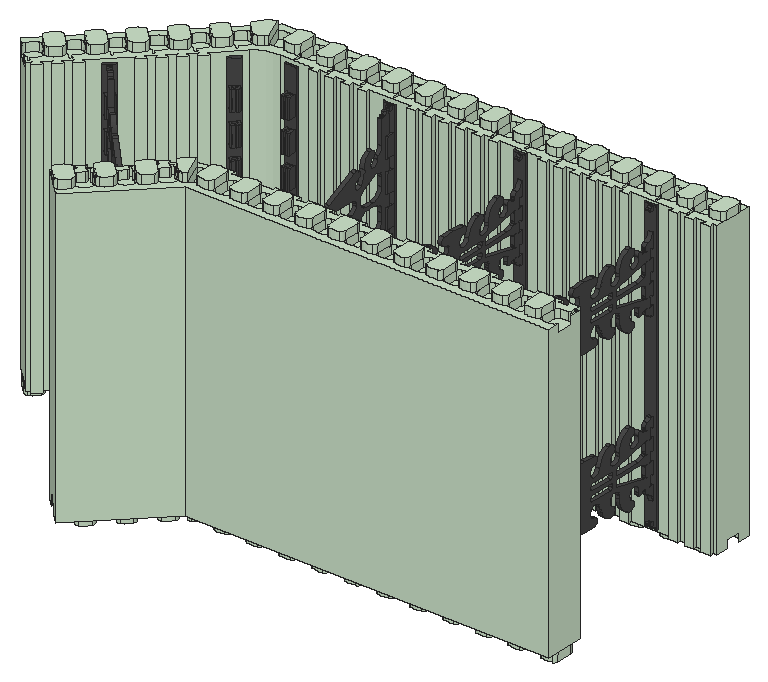
Revit family (continued)
Definition of nested family "NUDURA Diamond Pattern"
  Lines and regions (in)
    model lines
      curve 16: line (3.44206, -5.625, 17.07322) -> (3.81706, -5.625, 16.69822)
      curve 17: arc (3.44206, -5.625, 17.42678) -> (3.36884, -5.625, 17.25) -> (3.44206, -5.625, 17.07322) r 0.25
      curve 18: line (3.81706, -5.625, 17.80178) -> (3.44206, -5.625, 17.42678)
      curve 19: arc (3.69709, -5.625, 16.35858) -> (3.75567, -5.625, 16.5) -> (3.69709, -5.625, 16.64142) r 0.2
      curve 20: line (4.634, -5.625, 16.01517) -> (4.29059, -5.625, 16.35858)
      curve 21: arc (4.634, -5.625, 15.48484) -> (4.74384, -5.625, 15.75) -> (4.634, -5.625, 16.01517) r 0.375
      curve 22: line (4.29059, -5.625, 15.14142) -> (4.634, -5.625, 15.48484)
      curve 23: line (3.35367, -5.625, 15.48484) -> (3.69709, -5.625, 15.14142)
      curve 24: arc (3.35367, -5.625, 16.01517) -> (3.24384, -5.625, 15.75) -> (3.35367, -5.625, 15.48484) r 0.375
      curve 25: line (3.69709, -5.625, 16.35858) -> (3.35367, -5.625, 16.01517)
      curve 26: arc (4.17062, -5.625, 16.30178) -> (3.99384, -5.625, 16.375) -> (3.81706, -5.625, 16.30178) r 0.25
      curve 27: line (3.81706, -5.625, 16.30178) -> (3.44206, -5.625, 15.92678)
      curve 28: arc (3.44206, -5.625, 15.92678) -> (3.36884, -5.625, 15.75) -> (3.44206, -5.625, 15.57322) r 0.25
      curve 29: line (3.44206, -5.625, 15.57322) -> (3.81706, -5.625, 15.19822)
      curve 30: arc (3.81706, -5.625, 15.19822) -> (3.99384, -5.625, 15.125) -> (4.17062, -5.625, 15.19822) r 0.25
      curve 31: line (4.17062, -5.625, 15.19822) -> (4.54562, -5.625, 15.57322)
      curve 32: arc (4.54562, -5.625, 15.57322) -> (4.61884, -5.625, 15.75) -> (4.54562, -5.625, 15.92678) r 0.25
      curve 33: line (4.54562, -5.625, 15.92678) -> (4.17062, -5.625, 16.30178)
      curve 34: arc (3.69709, -5.625, 14.85858) -> (3.75567, -5.625, 15) -> (3.69709, -5.625, 15.14142) r 0.2
      curve 35: line (4.634, -5.625, 14.51517) -> (4.29059, -5.625, 14.85858)
      curve 36: arc (4.634, -5.625, 13.98484) -> (4.74384, -5.625, 14.25) -> (4.634, -5.625, 14.51517) r 0.375
      curve 37: line (4.29059, -5.625, 13.64142) -> (4.634, -5.625, 13.98484)
      curve 38: line (3.35367, -5.625, 13.98484) -> (3.69709, -5.625, 13.64142)
      curve 39: arc (3.35367, -5.625, 14.51517) -> (3.24384, -5.625, 14.25) -> (3.35367, -5.625, 13.98484) r 0.375
      curve 40: line (3.69709, -5.625, 14.85858) -> (3.35367, -5.625, 14.51517)
      curve 41: arc (4.17062, -5.625, 14.80178) -> (3.99384, -5.625, 14.875) -> (3.81706, -5.625, 14.80178) r 0.25
      curve 42: line (3.81706, -5.625, 14.80178) -> (3.44206, -5.625, 14.42678)
      curve 43: arc (3.44206, -5.625, 14.42678) -> (3.36884, -5.625, 14.25) -> (3.44206, -5.625, 14.07322) r 0.25
      curve 44: line (3.44206, -5.625, 14.07322) -> (3.81706, -5.625, 13.69822)
      curve 45: arc (3.81706, -5.625, 13.69822) -> (3.99384, -5.625, 13.625) -> (4.17062, -5.625, 13.69822) r 0.25
      curve 46: line (4.17062, -5.625, 13.69822) -> (4.54562, -5.625, 14.07322)
      curve 47: arc (4.54562, -5.625, 14.07322) -> (4.61884, -5.625, 14.25) -> (4.54562, -5.625, 14.42678) r 0.25
      curve 48: line (4.54562, -5.625, 14.42678) -> (4.17062, -5.625, 14.80178)
      curve 49: arc (3.69709, -5.625, 13.35858) -> (3.75567, -5.625, 13.5) -> (3.69709, -5.625, 13.64142) r 0.2
      curve 50: line (4.634, -5.625, 13.01517) -> (4.29059, -5.625, 13.35858)
      curve 51: arc (4.634, -5.625, 12.48484) -> (4.74384, -5.625, 12.75) -> (4.634, -5.625, 13.01517) r 0.375
      curve 52: line (4.29059, -5.625, 12.14142) -> (4.634, -5.625, 12.48484)
      curve 53: line (3.35367, -5.625, 12.48484) -> (3.69709, -5.625, 12.14142)
      curve 54: arc (3.35367, -5.625, 13.01517) -> (3.24384, -5.625, 12.75) -> (3.35367, -5.625, 12.48484) r 0.375
      curve 55: line (3.69709, -5.625, 13.35858) -> (3.35367, -5.625, 13.01517)
      curve 56: arc (4.17062, -5.625, 13.30178) -> (3.99384, -5.625, 13.375) -> (3.81706, -5.625, 13.30178) r 0.25
      curve 57: line (3.81706, -5.625, 13.30178) -> (3.44206, -5.625, 12.92678)
      curve 58: arc (3.44206, -5.625, 12.92678) -> (3.36884, -5.625, 12.75) -> (3.44206, -5.625, 12.57322) r 0.25
      curve 59: line (3.44206, -5.625, 12.57322) -> (3.81706, -5.625, 12.19822)
      curve 60: arc (3.81706, -5.625, 12.19822) -> (3.99384, -5.625, 12.125) -> (4.17062, -5.625, 12.19822) r 0.25
      curve 61: line (4.17062, -5.625, 12.19822) -> (4.54562, -5.625, 12.57322)
      curve 62: arc (4.54562, -5.625, 12.57322) -> (4.61884, -5.625, 12.75) -> (4.54562, -5.625, 12.92678) r 0.25
      curve 63: line (4.54562, -5.625, 12.92678) -> (4.17062, -5.625, 13.30178)
      curve 64: arc (3.69709, -5.625, 11.85858) -> (3.75567, -5.625, 12) -> (3.69709, -5.625, 12.14142) r 0.2
      curve 65: line (4.634, -5.625, 11.51517) -> (4.29059, -5.625, 11.85858)
      curve 66: arc (4.634, -5.625, 10.98484) -> (4.74384, -5.625, 11.25) -> (4.634, -5.625, 11.51517) r 0.375
      curve 67: line (4.29059, -5.625, 10.64142) -> (4.634, -5.625, 10.98484)
      curve 68: line (3.35367, -5.625, 10.98484) -> (3.69709, -5.625, 10.64142)
      curve 69: arc (3.35367, -5.625, 11.51517) -> (3.24384, -5.625, 11.25) -> (3.35367, -5.625, 10.98484) r 0.375
      curve 70: line (3.69709, -5.625, 11.85858) -> (3.35367, -5.625, 11.51517)
      curve 71: arc (4.17062, -5.625, 11.80178) -> (3.99384, -5.625, 11.875) -> (3.81706, -5.625, 11.80178) r 0.25
      curve 72: line (3.81706, -5.625, 11.80178) -> (3.44206, -5.625, 11.42678)
      curve 73: arc (3.44206, -5.625, 11.42678) -> (3.36884, -5.625, 11.25) -> (3.44206, -5.625, 11.07322) r 0.25
      curve 74: line (3.44206, -5.625, 11.07322) -> (3.81706, -5.625, 10.69822)
      curve 75: arc (3.81706, -5.625, 10.69822) -> (3.99384, -5.625, 10.625) -> (4.17062, -5.625, 10.69822) r 0.25
      curve 76: line (4.17062, -5.625, 10.69822) -> (4.54562, -5.625, 11.07322)
      curve 77: arc (4.54562, -5.625, 11.07322) -> (4.61884, -5.625, 11.25) -> (4.54562, -5.625, 11.42678) r 0.25
      curve 78: line (4.54562, -5.625, 11.42678) -> (4.17062, -5.625, 11.80178)
      curve 79: arc (3.69709, -5.625, 10.35858) -> (3.75567, -5.625, 10.5) -> (3.69709, -5.625, 10.64142) r 0.2
      curve 80: line (4.634, -5.625, 10.01517) -> (4.29059, -5.625, 10.35858)
      curve 81: arc (4.634, -5.625, 9.48484) -> (4.74384, -5.625, 9.75) -> (4.634, -5.625, 10.01517) r 0.375
      curve 82: line (4.29059, -5.625, 9.14142) -> (4.634, -5.625, 9.48484)
      curve 83: line (3.35367, -5.625, 9.48484) -> (3.69709, -5.625, 9.14142)
      curve 84: arc (3.35367, -5.625, 10.01517) -> (3.24384, -5.625, 9.75) -> (3.35367, -5.625, 9.48484) r 0.375
      curve 85: line (3.69709, -5.625, 10.35858) -> (3.35367, -5.625, 10.01517)
      curve 86: arc (4.17062, -5.625, 10.30178) -> (3.99384, -5.625, 10.375) -> (3.81706, -5.625, 10.30178) r 0.25
      curve 87: line (3.81706, -5.625, 10.30178) -> (3.44206, -5.625, 9.92678)
      curve 88: arc (3.44206, -5.625, 9.92678) -> (3.36884, -5.625, 9.75) -> (3.44206, -5.625, 9.57322) r 0.25
      curve 89: line (3.44206, -5.625, 9.57322) -> (3.81706, -5.625, 9.19822)
      curve 90: arc (3.81706, -5.625, 9.19822) -> (3.99384, -5.625, 9.125) -> (4.17062, -5.625, 9.19822) r 0.25
      curve 91: line (4.17062, -5.625, 9.19822) -> (4.54562, -5.625, 9.57322)
      curve 92: arc (4.54562, -5.625, 9.57322) -> (4.61884, -5.625, 9.75) -> (4.54562, -5.625, 9.92678) r 0.25
      curve 93: line (4.54562, -5.625, 9.92678) -> (4.17062, -5.625, 10.30178)
      curve 94: arc (3.69709, -5.625, 8.85858) -> (3.75567, -5.625, 9) -> (3.69709, -5.625, 9.14142) r 0.2
      curve 95: line (4.634, -5.625, 8.51517) -> (4.29059, -5.625, 8.85858)
      curve 96: arc (4.634, -5.625, 7.98484) -> (4.74384, -5.625, 8.25) -> (4.634, -5.625, 8.51517) r 0.375
      curve 97: line (4.29059, -5.625, 7.64142) -> (4.634, -5.625, 7.98484)
      curve 98: line (3.35367, -5.625, 7.98484) -> (3.69709, -5.625, 7.64142)
      curve 99: arc (3.35367, -5.625, 8.51517) -> (3.24384, -5.625, 8.25) -> (3.35367, -5.625, 7.98484) r 0.375
      curve 100: line (3.69709, -5.625, 8.85858) -> (3.35367, -5.625, 8.51517)
      curve 101: arc (4.17062, -5.625, 8.80178) -> (3.99384, -5.625, 8.875) -> (3.81706, -5.625, 8.80178) r 0.25
      curve 102: line (3.81706, -5.625, 8.80178) -> (3.44206, -5.625, 8.42678)
      curve 103: arc (3.44206, -5.625, 8.42678) -> (3.36884, -5.625, 8.25) -> (3.44206, -5.625, 8.07322) r 0.25
      curve 104: line (3.44206, -5.625, 8.07322) -> (3.81706, -5.625, 7.69822)
      curve 105: arc (3.81706, -5.625, 7.69822) -> (3.99384, -5.625, 7.625) -> (4.17062, -5.625, 7.69822) r 0.25
      curve 106: line (4.17062, -5.625, 7.69822) -> (4.54562, -5.625, 8.07322)
      curve 107: arc (4.54562, -5.625, 8.07322) -> (4.61884, -5.625, 8.25) -> (4.54562, -5.625, 8.42678) r 0.25
      curve 108: line (4.54562, -5.625, 8.42678) -> (4.17062, -5.625, 8.80178)
      curve 109: arc (3.69709, -5.625, 7.35858) -> (3.75567, -5.625, 7.5) -> (3.69709, -5.625, 7.64142) r 0.2
      curve 110: line (4.634, -5.625, 7.01517) -> (4.29059, -5.625, 7.35858)
      curve 111: arc (4.634, -5.625, 6.48484) -> (4.74384, -5.625, 6.75) -> (4.634, -5.625, 7.01517) r 0.375
      curve 112: line (4.29059, -5.625, 6.14142) -> (4.634, -5.625, 6.48484)
      curve 113: line (3.35367, -5.625, 6.48484) -> (3.69709, -5.625, 6.14142)
      curve 114: arc (3.35367, -5.625, 7.01517) -> (3.24384, -5.625, 6.75) -> (3.35367, -5.625, 6.48484) r 0.375
      curve 115: line (3.69709, -5.625, 7.35858) -> (3.35367, -5.625, 7.01517)
      curve 116: arc (4.17062, -5.625, 7.30178) -> (3.99384, -5.625, 7.375) -> (3.81706, -5.625, 7.30178) r 0.25
      curve 117: line (3.81706, -5.625, 7.30178) -> (3.44206, -5.625, 6.92678)
      curve 118: arc (3.44206, -5.625, 6.92678) -> (3.36884, -5.625, 6.75) -> (3.44206, -5.625, 6.57322) r 0.25
      curve 119: line (3.44206, -5.625, 6.57322) -> (3.81706, -5.625, 6.19822)
      curve 120: arc (3.81706, -5.625, 6.19822) -> (3.99384, -5.625, 6.125) -> (4.17062, -5.625, 6.19822) r 0.25
      curve 121: line (4.17062, -5.625, 6.19822) -> (4.54562, -5.625, 6.57322)
      curve 122: arc (4.54562, -5.625, 6.57322) -> (4.61884, -5.625, 6.75) -> (4.54562, -5.625, 6.92678) r 0.25
      curve 123: line (4.54562, -5.625, 6.92678) -> (4.17062, -5.625, 7.30178)
      curve 124: arc (3.69709, -5.625, 5.85858) -> (3.75567, -5.625, 6) -> (3.69709, -5.625, 6.14142) r 0.2
      curve 125: line (4.634, -5.625, 5.51517) -> (4.29059, -5.625, 5.85858)
      curve 126: arc (4.634, -5.625, 4.98484) -> (4.74384, -5.625, 5.25) -> (4.634, -5.625, 5.51517) r 0.375
      curve 127: line (4.29059, -5.625, 4.64142) -> (4.634, -5.625, 4.98484)
      curve 128: line (3.35367, -5.625, 4.98484) -> (3.69709, -5.625, 4.64142)
      curve 129: arc (3.35367, -5.625, 5.51517) -> (3.24384, -5.625, 5.25) -> (3.35367, -5.625, 4.98484) r 0.375
      curve 130: line (3.69709, -5.625, 5.85858) -> (3.35367, -5.625, 5.51517)
      curve 131: arc (4.17062, -5.625, 5.80178) -> (3.99384, -5.625, 5.875) -> (3.81706, -5.625, 5.80178) r 0.25
      curve 132: line (3.81706, -5.625, 5.80178) -> (3.44206, -5.625, 5.42678)
      curve 133: arc (3.44206, -5.625, 5.42678) -> (3.36884, -5.625, 5.25) -> (3.44206, -5.625, 5.07322) r 0.25
      curve 134: line (3.44206, -5.625, 5.07322) -> (3.81706, -5.625, 4.69822)
      curve 135: arc (3.81706, -5.625, 4.69822) -> (3.99384, -5.625, 4.625) -> (4.17062, -5.625, 4.69822) r 0.25
      curve 136: line (4.17062, -5.625, 4.69822) -> (4.54562, -5.625, 5.07322)
      curve 137: arc (4.54562, -5.625, 5.07322) -> (4.61884, -5.625, 5.25) -> (4.54562, -5.625, 5.42678) r 0.25
      curve 138: line (4.54562, -5.625, 5.42678) -> (4.17062, -5.625, 5.80178)
      curve 139: arc (3.69709, -5.625, 4.35858) -> (3.75567, -5.625, 4.5) -> (3.69709, -5.625, 4.64142) r 0.2
      curve 140: line (4.634, -5.625, 4.01517) -> (4.29059, -5.625, 4.35858)
      curve 141: arc (4.634, -5.625, 3.48484) -> (4.74384, -5.625, 3.75) -> (4.634, -5.625, 4.01517) r 0.375
      curve 142: line (4.29059, -5.625, 3.14142) -> (4.634, -5.625, 3.48484)
      curve 143: line (3.35367, -5.625, 3.48484) -> (3.69709, -5.625, 3.14142)
      curve 144: arc (3.35367, -5.625, 4.01517) -> (3.24384, -5.625, 3.75) -> (3.35367, -5.625, 3.48484) r 0.375
      curve 145: line (3.69709, -5.625, 4.35858) -> (3.35367, -5.625, 4.01517)
      curve 146: arc (4.17062, -5.625, 4.30178) -> (3.99384, -5.625, 4.375) -> (3.81706, -5.625, 4.30178) r 0.25
      curve 147: line (3.81706, -5.625, 4.30178) -> (3.44206, -5.625, 3.92678)
      curve 148: arc (3.44206, -5.625, 3.92678) -> (3.36884, -5.625, 3.75) -> (3.44206, -5.625, 3.57322) r 0.25
      curve 149: line (3.44206, -5.625, 3.57322) -> (3.81706, -5.625, 3.19822)
      curve 150: arc (3.81706, -5.625, 3.19822) -> (3.99384, -5.625, 3.125) -> (4.17062, -5.625, 3.19822) r 0.25
      curve 151: line (4.17062, -5.625, 3.19822) -> (4.54562, -5.625, 3.57322)
      curve 152: arc (4.54562, -5.625, 3.57322) -> (4.61884, -5.625, 3.75) -> (4.54562, -5.625, 3.92678) r 0.25
      curve 153: line (4.54562, -5.625, 3.92678) -> (4.17062, -5.625, 4.30178)
      curve 154: arc (3.69709, -5.625, 2.85858) -> (3.75567, -5.625, 3) -> (3.69709, -5.625, 3.14142) r 0.2
      curve 155: line (4.634, -5.625, 2.51517) -> (4.29059, -5.625, 2.85858)
      curve 156: arc (4.634, -5.625, 1.98484) -> (4.74384, -5.625, 2.25) -> (4.634, -5.625, 2.51517) r 0.375
      curve 157: line (4.29059, -5.625, 1.64142) -> (4.634, -5.625, 1.98484)
      curve 158: line (3.35367, -5.625, 1.98484) -> (3.69709, -5.625, 1.64142)
      curve 159: arc (3.35367, -5.625, 2.51517) -> (3.24384, -5.625, 2.25) -> (3.35367, -5.625, 1.98484) r 0.375
      curve 160: line (3.69709, -5.625, 2.85858) -> (3.35367, -5.625, 2.51517)
      curve 161: arc (4.17062, -5.625, 2.80178) -> (3.99384, -5.625, 2.875) -> (3.81706, -5.625, 2.80178) r 0.25
      curve 162: line (3.81706, -5.625, 2.80178) -> (3.44206, -5.625, 2.42678)
      curve 163: arc (3.44206, -5.625, 2.42678) -> (3.36884, -5.625, 2.25) -> (3.44206, -5.625, 2.07322) r 0.25
      curve 164: line (3.44206, -5.625, 2.07322) -> (3.81706, -5.625, 1.69822)
      curve 165: arc (3.81706, -5.625, 1.69822) -> (3.99384, -5.625, 1.625) -> (4.17062, -5.625, 1.69822) r 0.25
      curve 166: line (4.17062, -5.625, 1.69822) -> (4.54562, -5.625, 2.07322)
      curve 167: arc (4.54562, -5.625, 2.07322) -> (4.61884, -5.625, 2.25) -> (4.54562, -5.625, 2.42678) r 0.25
      curve 168: line (4.54562, -5.625, 2.42678) -> (4.17062, -5.625, 2.80178)
      curve 169: arc (3.69709, -5.625, 1.35858) -> (3.75567, -5.625, 1.5) -> (3.69709, -5.625, 1.64142) r 0.2
      curve 170: line (3.69709, -5.625, 1.35858) -> (3.35367, -5.625, 1.01517)
      curve 171: arc (3.35367, -5.625, 1.01517) -> (3.24384, -5.625, 0.75) -> (3.35367, -5.625, 0.48484) r 0.375
      curve 172: line (3.35367, -5.625, 0.48484) -> (3.72867, -5.625, 0.10984)
      curve 173: arc (3.72867, -5.625, 0.10984) -> (3.99384, -5.625, 0) -> (4.259, -5.625, 0.10984) r 0.375
      curve 174: line (4.259, -5.625, 0.10984) -> (4.634, -5.625, 0.48484)
      curve 175: arc (4.634, -5.625, 0.48484) -> (4.74384, -5.625, 0.75) -> (4.634, -5.625, 1.01517) r 0.375
      curve 176: line (4.634, -5.625, 1.01517) -> (4.29059, -5.625, 1.35858)
      curve 177: arc (4.29059, -5.625, 1.64142) -> (4.23201, -5.625, 1.5) -> (4.29059, -5.625, 1.35858) r 0.2
      curve 178: arc (4.17062, -5.625, 1.30178) -> (3.99384, -5.625, 1.375) -> (3.81706, -5.625, 1.30178) r 0.25
      curve 179: line (4.54562, -5.625, 0.92678) -> (4.17062, -5.625, 1.30178)
      curve 180: arc (4.54562, -5.625, 0.57322) -> (4.61884, -5.625, 0.75) -> (4.54562, -5.625, 0.92678) r 0.25
      curve 181: line (4.17062, -5.625, 0.19822) -> (4.54562, -5.625, 0.57322)
      curve 182: arc (3.81706, -5.625, 0.19822) -> (3.99384, -5.625, 0.125) -> (4.17062, -5.625, 0.19822) r 0.25
      curve 183: line (3.44206, -5.625, 0.57322) -> (3.81706, -5.625, 0.19822)
      curve 184: arc (3.44206, -5.625, 0.92678) -> (3.36884, -5.625, 0.75) -> (3.44206, -5.625, 0.57322) r 0.25
      curve 185: line (3.81706, -5.625, 1.30178) -> (3.44206, -5.625, 0.92678)
      curve 186: arc (4.29059, -5.625, 3.14142) -> (4.23201, -5.625, 3) -> (4.29059, -5.625, 2.85858) r 0.2
      curve 187: arc (4.29059, -5.625, 4.64142) -> (4.23201, -5.625, 4.5) -> (4.29059, -5.625, 4.35858) r 0.2
      curve 188: arc (4.29059, -5.625, 6.14142) -> (4.23201, -5.625, 6) -> (4.29059, -5.625, 5.85858) r 0.2
      curve 189: arc (4.29059, -5.625, 7.64142) -> (4.23201, -5.625, 7.5) -> (4.29059, -5.625, 7.35858) r 0.2
      curve 190: arc (4.29059, -5.625, 9.14142) -> (4.23201, -5.625, 9) -> (4.29059, -5.625, 8.85858) r 0.2
      curve 191: arc (4.29059, -5.625, 10.64142) -> (4.23201, -5.625, 10.5) -> (4.29059, -5.625, 10.35858) r 0.2
      curve 192: arc (4.29059, -5.625, 12.14142) -> (4.23201, -5.625, 12) -> (4.29059, -5.625, 11.85858) r 0.2
      curve 193: arc (4.29059, -5.625, 13.64142) -> (4.23201, -5.625, 13.5) -> (4.29059, -5.625, 13.35858) r 0.2
      curve 194: arc (4.29059, -5.625, 15.14142) -> (4.23201, -5.625, 15) -> (4.29059, -5.625, 14.85858) r 0.2
      curve 195: arc (4.29059, -5.625, 16.64142) -> (4.23201, -5.625, 16.5) -> (4.29059, -5.625, 16.35858) r 0.2
Definition of nested family "NUDURA Logo Diamond"
  Reference planes (in)
    plane 1 "Center (Front/Back)": y = 0
    plane 2: z = 0
    plane 3 "Center (Left/Right)": x = 0
  Lines and regions (in)
    model lines
      curve 1: line (12.59848, 0, 17.50104) -> (12.24492, 0, 17.85459)
      curve 2: line (12.36113, 0, 16.76872) -> (12.59848, 0, 17.00607)
      curve 3: line (12.59848, 0, 16.00104) -> (12.36113, 0, 16.23839)
      curve 4: line (12.36113, 0, 15.26872) -> (12.59848, 0, 15.50607)
      curve 5: line (12.59848, 0, 14.50104) -> (12.36113, 0, 14.73839)
      curve 6: line (12.36113, 0, 13.76872) -> (12.59848, 0, 14.00607)
      curve 7: line (12.17421, 0, 13.28388) -> (12.71208, 0, 12.74602)
      curve 8: line (12.71208, 0, 12.74602) -> (12.78279, 0, 12.81673)
      curve 9: line (11.28279, 0, 12.74602) -> (11.82066, 0, 13.28388)
      curve 10: line (11.63374, 0, 13.23839) -> (11.21208, 0, 12.81673)
      curve 11: line (11.3964, 0, 14.00607) -> (11.63374, 0, 13.76872)
      curve 12: line (11.63374, 0, 14.73839) -> (11.3964, 0, 14.50104)
      curve 13: line (11.3964, 0, 15.50607) -> (11.63374, 0, 15.26872)
      curve 14: line (11.63374, 0, 16.23839) -> (11.3964, 0, 16.00104)
      curve 15: line (11.3964, 0, 17.00607) -> (11.63374, 0, 16.76872)
      curve 16: line (11.74995, 0, 17.85459) -> (11.3964, 0, 17.50104)
      curve 17: line (11.82066, 0, 17.78388) -> (11.46711, 0, 17.43033)
      curve 18: line (12.52777, 0, 17.43033) -> (12.17421, 0, 17.78388)
      curve 19: line (12.17421, 0, 16.72322) -> (12.52777, 0, 17.07678)
      curve 20: line (11.46711, 0, 17.07678) -> (11.82066, 0, 16.72322)
      curve 21: arc (11.3964, 0, 17.50104) -> (11.29388, 0, 17.25355) -> (11.3964, 0, 17.00607) r 0.35
      curve 22: arc (11.74995, 0, 17.85459) -> (11.99744, 0, 17.95711) -> (12.24492, 0, 17.85459) r 0.35
      curve 23: arc (11.46711, 0, 17.43033) -> (11.39388, 0, 17.25355) -> (11.46711, 0, 17.07678) r 0.25
      curve 24: arc (12.52777, 0, 17.43033) -> (12.60099, 0, 17.25355) -> (12.52777, 0, 17.07678) r 0.25
      curve 25: arc (12.17421, 0, 16.72322) -> (11.99744, 0, 16.65) -> (11.82066, 0, 16.72322) r 0.25
      curve 26: arc (11.82066, 0, 17.78388) -> (11.99744, 0, 17.85711) -> (12.17421, 0, 17.78388) r 0.25
      curve 27: arc (12.59848, 0, 17.50104) -> (12.70099, 0, 17.25355) -> (12.59848, 0, 17.00607) r 0.35
      curve 28: arc (11.63374, 0, 16.76872) -> (11.74358, 0, 16.50355) -> (11.63374, 0, 16.23839) r 0.375
      curve 29: arc (12.36113, 0, 16.76872) -> (12.2513, 0, 16.50355) -> (12.36113, 0, 16.23839) r 0.375
      curve 30: line (12.36113, 0, 15.26872) -> (12.59848, 0, 15.50607)
      curve 31: line (11.3964, 0, 15.50607) -> (11.63374, 0, 15.26872)
      curve 32: line (11.82066, 0, 16.28388) -> (11.46711, 0, 15.93033)
      curve 33: line (12.52777, 0, 15.93033) -> (12.17421, 0, 16.28388)
      curve 34: line (12.17421, 0, 15.22322) -> (12.52777, 0, 15.57678)
      curve 35: line (11.46711, 0, 15.57678) -> (11.82066, 0, 15.22322)
      curve 36: arc (11.3964, 0, 16.00104) -> (11.29388, 0, 15.75355) -> (11.3964, 0, 15.50607) r 0.35
      curve 37: arc (11.46711, 0, 15.93033) -> (11.39388, 0, 15.75355) -> (11.46711, 0, 15.57678) r 0.25
      curve 38: arc (12.52777, 0, 15.93033) -> (12.60099, 0, 15.75355) -> (12.52777, 0, 15.57678) r 0.25
      curve 39: arc (12.17421, 0, 15.22322) -> (11.99744, 0, 15.15) -> (11.82066, 0, 15.22322) r 0.25
      curve 40: arc (11.82066, 0, 16.28388) -> (11.99744, 0, 16.35711) -> (12.17421, 0, 16.28388) r 0.25
      curve 41: arc (12.59848, 0, 16.00104) -> (12.70099, 0, 15.75355) -> (12.59848, 0, 15.50607) r 0.35
      curve 42: line (11.63374, 0, 16.23839) -> (11.3964, 0, 16.00104)
      curve 43: line (12.59848, 0, 16.00104) -> (12.36113, 0, 16.23839)
      curve 44: arc (11.63374, 0, 15.26872) -> (11.74358, 0, 15.00355) -> (11.63374, 0, 14.73839) r 0.375
      curve 45: arc (12.36113, 0, 15.26872) -> (12.2513, 0, 15.00355) -> (12.36113, 0, 14.73839) r 0.375
      curve 46: line (12.36113, 0, 13.76872) -> (12.59848, 0, 14.00607)
      curve 47: line (11.3964, 0, 14.00607) -> (11.63374, 0, 13.76872)
      curve 48: line (11.82066, 0, 14.78388) -> (11.46711, 0, 14.43033)
      curve 49: line (12.52777, 0, 14.43033) -> (12.17421, 0, 14.78388)
      curve 50: line (12.17421, 0, 13.72322) -> (12.52777, 0, 14.07678)
      curve 51: line (11.46711, 0, 14.07678) -> (11.82066, 0, 13.72322)
      curve 52: arc (11.3964, 0, 14.50104) -> (11.29388, 0, 14.25355) -> (11.3964, 0, 14.00607) r 0.35
      curve 53: arc (11.46711, 0, 14.43033) -> (11.39388, 0, 14.25355) -> (11.46711, 0, 14.07678) r 0.25
      curve 54: arc (12.52777, 0, 14.43033) -> (12.60099, 0, 14.25355) -> (12.52777, 0, 14.07678) r 0.25
      curve 55: arc (12.17421, 0, 13.72322) -> (11.99744, 0, 13.65) -> (11.82066, 0, 13.72322) r 0.25
      curve 56: arc (11.82066, 0, 14.78388) -> (11.99744, 0, 14.85711) -> (12.17421, 0, 14.78388) r 0.25
      curve 57: arc (12.59848, 0, 14.50104) -> (12.70099, 0, 14.25355) -> (12.59848, 0, 14.00607) r 0.35
      curve 58: line (11.63374, 0, 14.73839) -> (11.3964, 0, 14.50104)
      curve 59: arc (11.63374, 0, 13.76872) -> (11.74358, 0, 13.50355) -> (11.63374, 0, 13.23839) r 0.375
      curve 60: arc (12.36113, 0, 13.76872) -> (12.2513, 0, 13.50355) -> (12.36113, 0, 13.23839) r 0.375
      curve 61: line (12.78279, 0, 12.81673) -> (12.36113, 0, 13.23839)
      curve 62: line (11.21208, 0, 12.81673) -> (11.28279, 0, 12.74602)
      curve 63: arc (11.82066, 0, 13.28388) -> (11.99744, 0, 13.35711) -> (12.17421, 0, 13.28388) r 0.25
      curve 64: line (12.59848, 0, 0.50607) -> (12.24492, 0, 0.15251)
      curve 65: line (12.36113, 0, 1.23839) -> (12.59848, 0, 1.00104)
      curve 66: line (12.59848, 0, 2.00607) -> (12.36113, 0, 1.76872)
      curve 67: line (12.36113, 0, 2.73839) -> (12.59848, 0, 2.50104)
      curve 68: line (12.59848, 0, 3.50607) -> (12.36113, 0, 3.26872)
      curve 69: line (12.36113, 0, 4.23839) -> (12.59848, 0, 4.00104)
      curve 70: line (12.17421, 0, 4.72322) -> (12.71208, 0, 5.26109)
      curve 71: line (12.71208, 0, 5.26109) -> (12.78279, 0, 5.19038)
      curve 72: line (11.28279, 0, 5.26109) -> (11.82066, 0, 4.72322)
      curve 73: line (11.63374, 0, 4.76872) -> (11.21208, 0, 5.19038)
      curve 74: line (11.3964, 0, 4.00104) -> (11.63374, 0, 4.23839)
      curve 75: line (11.63374, 0, 3.26872) -> (11.3964, 0, 3.50607)
      curve 76: line (11.3964, 0, 2.50104) -> (11.63374, 0, 2.73839)
      curve 77: line (11.63374, 0, 1.76872) -> (11.3964, 0, 2.00607)
      curve 78: line (11.3964, 0, 1.00104) -> (11.63374, 0, 1.23839)
      curve 79: line (11.74995, 0, 0.15251) -> (11.3964, 0, 0.50607)
      curve 80: line (11.82066, 0, 0.22322) -> (11.46711, 0, 0.57678)
      curve 81: line (12.52777, 0, 0.57678) -> (12.17421, 0, 0.22322)
      curve 82: line (12.17421, 0, 1.28388) -> (12.52777, 0, 0.93033)
      curve 83: line (11.46711, 0, 0.93033) -> (11.82066, 0, 1.28388)
      curve 84: arc (11.3964, 0, 0.50607) -> (11.29388, 0, 0.75355) -> (11.3964, 0, 1.00104) r 0.35
      curve 85: arc (11.74995, 0, 0.15251) -> (11.99744, 0, 0.05) -> (12.24492, 0, 0.15251) r 0.35
      curve 86: arc (11.46711, 0, 0.57678) -> (11.39388, 0, 0.75355) -> (11.46711, 0, 0.93033) r 0.25
      curve 87: arc (12.52777, 0, 0.57678) -> (12.60099, 0, 0.75355) -> (12.52777, 0, 0.93033) r 0.25
      curve 88: arc (12.17421, 0, 1.28388) -> (11.99744, 0, 1.35711) -> (11.82066, 0, 1.28388) r 0.25
      curve 89: arc (11.82066, 0, 0.22322) -> (11.99744, 0, 0.15) -> (12.17421, 0, 0.22322) r 0.25
      curve 90: arc (12.59848, 0, 0.50607) -> (12.70099, 0, 0.75355) -> (12.59848, 0, 1.00104) r 0.35
      curve 91: arc (11.63374, 0, 1.23839) -> (11.74358, 0, 1.50355) -> (11.63374, 0, 1.76872) r 0.375
      curve 92: arc (12.36113, 0, 1.23839) -> (12.2513, 0, 1.50355) -> (12.36113, 0, 1.76872) r 0.375
      curve 93: line (12.36113, 0, 2.73839) -> (12.59848, 0, 2.50104)
      curve 94: line (11.3964, 0, 2.50104) -> (11.63374, 0, 2.73839)
      curve 95: line (11.82066, 0, 1.72322) -> (11.46711, 0, 2.07678)
      curve 96: line (12.52777, 0, 2.07678) -> (12.17421, 0, 1.72322)
      curve 97: line (12.17421, 0, 2.78388) -> (12.52777, 0, 2.43033)
      curve 98: line (11.46711, 0, 2.43033) -> (11.82066, 0, 2.78388)
      curve 99: arc (11.3964, 0, 2.00607) -> (11.29388, 0, 2.25355) -> (11.3964, 0, 2.50104) r 0.35
      curve 100: arc (11.46711, 0, 2.07678) -> (11.39388, 0, 2.25355) -> (11.46711, 0, 2.43033) r 0.25
      curve 101: arc (12.52777, 0, 2.07678) -> (12.60099, 0, 2.25355) -> (12.52777, 0, 2.43033) r 0.25
      curve 102: arc (12.17421, 0, 2.78388) -> (11.99744, 0, 2.85711) -> (11.82066, 0, 2.78388) r 0.25
      curve 103: arc (11.82066, 0, 1.72322) -> (11.99744, 0, 1.65) -> (12.17421, 0, 1.72322) r 0.25
      curve 104: arc (12.59848, 0, 2.00607) -> (12.70099, 0, 2.25355) -> (12.59848, 0, 2.50104) r 0.35
      curve 105: line (11.63374, 0, 1.76872) -> (11.3964, 0, 2.00607)
      curve 106: line (12.59848, 0, 2.00607) -> (12.36113, 0, 1.76872)
      curve 107: arc (11.63374, 0, 2.73839) -> (11.74358, 0, 3.00355) -> (11.63374, 0, 3.26872) r 0.375
      curve 108: arc (12.36113, 0, 2.73839) -> (12.2513, 0, 3.00355) -> (12.36113, 0, 3.26872) r 0.375
      curve 109: line (12.36113, 0, 4.23839) -> (12.59848, 0, 4.00104)
      curve 110: line (11.3964, 0, 4.00104) -> (11.63374, 0, 4.23839)
      curve 111: line (11.82066, 0, 3.22322) -> (11.46711, 0, 3.57678)
      curve 112: line (12.52777, 0, 3.57678) -> (12.17421, 0, 3.22322)
      curve 113: line (12.17421, 0, 4.28388) -> (12.52777, 0, 3.93033)
      curve 114: line (11.46711, 0, 3.93033) -> (11.82066, 0, 4.28388)
      curve 115: arc (11.3964, 0, 3.50607) -> (11.29388, 0, 3.75355) -> (11.3964, 0, 4.00104) r 0.35
      curve 116: arc (11.46711, 0, 3.57678) -> (11.39388, 0, 3.75355) -> (11.46711, 0, 3.93033) r 0.25
      curve 117: arc (12.52777, 0, 3.57678) -> (12.60099, 0, 3.75355) -> (12.52777, 0, 3.93033) r 0.25
      curve 118: arc (12.17421, 0, 4.28388) -> (11.99744, 0, 4.35711) -> (11.82066, 0, 4.28388) r 0.25
      curve 119: arc (11.82066, 0, 3.22322) -> (11.99744, 0, 3.15) -> (12.17421, 0, 3.22322) r 0.25
      curve 120: arc (12.59848, 0, 3.50607) -> (12.70099, 0, 3.75355) -> (12.59848, 0, 4.00104) r 0.35
      curve 121: line (11.63374, 0, 3.26872) -> (11.3964, 0, 3.50607)
      curve 122: arc (11.63374, 0, 4.23839) -> (11.74358, 0, 4.50355) -> (11.63374, 0, 4.76872) r 0.375
      curve 123: arc (12.36113, 0, 4.23839) -> (12.2513, 0, 4.50355) -> (12.36113, 0, 4.76872) r 0.375
      curve 124: line (12.78279, 0, 5.19038) -> (12.36113, 0, 4.76872)
      curve 125: line (11.21208, 0, 5.19038) -> (11.28279, 0, 5.26109)
      curve 126: arc (11.82066, 0, 4.72322) -> (11.99744, 0, 4.65) -> (12.17421, 0, 4.72322) r 0.25
      curve 127: line (12.37244, 0, 12.50355) -> (11.62244, 0, 12.50355)
      curve 128: line (12.74744, 0, 5.87855) -> (12.74744, 0, 12.12855)
      curve 129: line (11.24744, 0, 12.12855) -> (11.24744, 0, 5.87855)
      curve 130: line (11.62244, 0, 5.50355) -> (12.37244, 0, 5.50355)
      curve 131: line (12.47232, 0, 12.00355) -> (12.0393, 0, 12.25355)
      curve 132: line (12.47232, 0, 11.50355) -> (12.47232, 0, 12.00355)
      curve 133: line (12.25581, 0, 11.37855) -> (12.47232, 0, 11.50355)
      curve 134: line (12.02256, 0, 11.51322) -> (12.25581, 0, 11.37855)
      curve 135: line (12.22232, 0, 11.62855) -> (12.02256, 0, 11.51322)
      curve 136: line (11.80605, 0, 12.11888) -> (12.22232, 0, 11.87855)
      curve 137: line (12.22232, 0, 11.87855) -> (12.22232, 0, 11.62855)
      curve 138: line (12.0393, 0, 12.25355) -> (11.80605, 0, 12.11888)
      curve 139: line (11.77256, 0, 11.63822) -> (11.97232, 0, 11.75355)
      curve 140: line (11.97232, 0, 11.75355) -> (11.73906, 0, 11.88822)
      curve 141: line (11.73906, 0, 11.88822) -> (11.52256, 0, 11.76322)
      curve 142: line (11.52256, 0, 11.76322) -> (11.52256, 0, 11.26322)
      curve 143: line (11.77256, 0, 11.38822) -> (11.77256, 0, 11.63822)
      curve 144: line (12.18882, 0, 11.14789) -> (11.77256, 0, 11.38822)
      curve 145: line (11.95557, 0, 11.01322) -> (12.18882, 0, 11.14789)
      curve 146: line (11.52256, 0, 11.26322) -> (11.95557, 0, 11.01322)
      curve 147: line (12.31108, 0, 10.60411) -> (11.68379, 0, 10.74458)
      curve 148: line (11.68379, 0, 10.74458) -> (11.68379, 0, 10.51321)
      curve 149: line (11.68379, 0, 10.51321) -> (12.1295, 0, 10.41405)
      curve 150: line (12.1295, 0, 10.41405) -> (11.68379, 0, 10.27358)
      curve 151: line (11.68379, 0, 10.27358) -> (11.68379, 0, 9.8852)
      curve 152: line (11.68379, 0, 9.8852) -> (12.17077, 0, 9.77615)
      curve 153: line (12.17077, 0, 9.77615) -> (12.17077, 0, 9.74472)
      curve 154: line (12.17077, 0, 9.74472) -> (11.86146, 0, 9.80279)
      curve 155: line (11.68379, 0, 9.65536) -> (11.68379, 0, 9.35864)
      curve 156: line (12.07077, 0, 8.74385) -> (12.07077, 0, 8.99996)
      curve 157: line (12.07077, 0, 8.99996) -> (11.68379, 0, 9.08605)
      curve 158: line (11.68379, 0, 9.08605) -> (11.68379, 0, 8.47809)
      curve 159: line (11.91823, 0, 9.06589) -> (12.31108, 0, 8.97792)
      curve 160: line (11.82444, 0, 8.55476) -> (11.82444, 0, 8.79865)
      curve 161: line (11.82444, 0, 8.79865) -> (12.07077, 0, 8.74385)
      curve 162: line (11.68379, 0, 8.07193) -> (11.68379, 0, 7.77522)
      curve 163: line (11.91823, 0, 7.48247) -> (12.21108, 0, 7.41688)
      curve 164: line (12.21108, 0, 7.41688) -> (12.21108, 0, 6.95405)
      curve 165: line (12.16108, 0, 6.90405) -> (12.12077, 0, 6.90405)
      curve 166: line (12.07077, 0, 6.95405) -> (12.07077, 0, 7.08675)
      curve 167: line (12.07077, 0, 7.08675) -> (12.12077, 0, 7.07556)
      curve 168: line (12.12077, 0, 7.07556) -> (12.12077, 0, 7.33463)
      curve 169: line (12.12077, 0, 7.33463) -> (11.68379, 0, 7.43249)
      curve 170: line (11.68379, 0, 7.43249) -> (11.68379, 0, 7.17341)
      curve 171: line (11.68379, 0, 7.17341) -> (11.97077, 0, 7.10915)
      curve 172: line (11.97077, 0, 7.10915) -> (11.97077, 0, 6.99425)
      curve 173: line (11.92077, 0, 6.94425) -> (11.68379, 0, 6.94425)
      curve 174: line (11.68379, 0, 6.94425) -> (11.68379, 0, 6.45682)
      curve 175: line (11.68379, 0, 6.45682) -> (11.78284, 0, 6.38658)
      curve 176: line (11.78284, 0, 6.38658) -> (11.78284, 0, 6.05178)
      curve 177: line (12.12371, 0, 6.14486) -> (11.88284, 0, 6.31567)
      curve 178: line (11.88284, 0, 6.31567) -> (11.88284, 0, 6.07909)
      curve 179: line (11.88284, 0, 6.07909) -> (12.12371, 0, 6.14486)
      curve 180: line (11.78284, 0, 6.05178) -> (11.68379, 0, 6.02474)
      curve 181: line (11.68379, 0, 6.02474) -> (11.68379, 0, 5.75355)
      curve 182: line (11.68379, 0, 5.75355) -> (12.31108, 0, 5.92483)
      curve 183: line (12.31108, 0, 5.92483) -> (12.31108, 0, 6.28791)
      curve 184: line (12.31108, 0, 6.28791) -> (11.76249, 0, 6.67694)
      curve 185: line (11.76249, 0, 6.67694) -> (11.90321, 0, 6.67694)
      curve 186: line (12.31108, 0, 6.78674) -> (12.31108, 0, 7.63562)
      curve 187: line (12.31108, 0, 7.63562) -> (11.90258, 0, 7.7271)
      curve 188: line (11.82444, 0, 7.82469) -> (11.82444, 0, 7.92839)
      curve 189: line (11.88536, 0, 7.97718) -> (12.31108, 0, 7.88185)
      curve 190: line (12.31108, 0, 7.88185) -> (12.31108, 0, 8.13496)
      curve 191: line (12.31108, 0, 8.13496) -> (12.08042, 0, 8.17826)
      curve 192: line (12.31108, 0, 8.38353) -> (12.31108, 0, 8.9465)
      curve 193: line (12.31108, 0, 8.9465) -> (12.17077, 0, 8.97771)
      curve 194: line (12.17077, 0, 8.97771) -> (12.17077, 0, 8.55476)
      curve 195: line (12.31108, 0, 8.97792) -> (12.31108, 0, 9.21905)
      curve 196: line (12.31108, 0, 9.21905) -> (11.90258, 0, 9.31053)
      curve 197: line (11.82444, 0, 9.40811) -> (11.82444, 0, 9.51182)
      curve 198: line (11.87938, 0, 9.56195) -> (12.31108, 0, 9.46528)
      curve 199: line (12.31108, 0, 9.46528) -> (12.31108, 0, 9.98469)
      curve 200: line (12.31108, 0, 9.98469) -> (11.90664, 0, 10.07526)
      curve 201: line (11.90664, 0, 10.07526) -> (12.31108, 0, 10.20747)
      curve 202: line (12.31108, 0, 10.20747) -> (12.31108, 0, 10.60411)
      curve 203: arc (11.68379, 0, 9.65536) -> (11.73801, 0, 9.7708) -> (11.86146, 0, 9.80279) r 0.15
      curve 204: arc (11.68379, 0, 9.35864) -> (11.74962, 0, 9.17112) -> (11.91823, 0, 9.06589) r 0.3
      curve 205: arc (11.84417, 0, 8.22149) -> (11.72718, 0, 8.32679) -> (11.68379, 0, 8.47809) r 0.28547
      curve 206: arc (11.68379, 0, 8.07193) -> (11.73147, 0, 8.18158) -> (11.84417, 0, 8.22149) r 0.14992
      curve 207: arc (11.68379, 0, 7.77522) -> (11.74962, 0, 7.58769) -> (11.91823, 0, 7.48247) r 0.3
      curve 208: arc (11.82444, 0, 7.82469) -> (11.84638, 0, 7.76218) -> (11.90258, 0, 7.7271) r 0.1
      curve 209: arc (11.82444, 0, 7.92839) -> (11.84318, 0, 7.96742) -> (11.88536, 0, 7.97718) r 0.05
      curve 210: arc (12.12077, 0, 6.90405) -> (12.08541, 0, 6.91869) -> (12.07077, 0, 6.95405) r 0.05
      curve 211: arc (12.16108, 0, 6.90405) -> (12.19644, 0, 6.91869) -> (12.21108, 0, 6.95405) r 0.05
      curve 212: arc (11.97077, 0, 6.99425) -> (11.95612, 0, 6.95889) -> (11.92077, 0, 6.94425) r 0.05
      curve 213: arc (11.90321, 0, 6.67694) -> (11.96756, 0, 6.70069) -> (12.00104, 0, 6.76055) r 0.09904
      curve 214: arc (12.00104, 0, 6.76055) -> (12.1681, 0, 6.63117) -> (12.31108, 0, 6.78674) r 0.15613
      curve 215: arc (12.08042, 0, 8.17826) -> (12.24181, 0, 8.22914) -> (12.31108, 0, 8.38353) r 0.20667
      curve 216: arc (11.82444, 0, 8.55476) -> (11.9976, 0, 8.3816) -> (12.17077, 0, 8.55476) r 0.17317
      curve 217: arc (11.82444, 0, 9.40811) -> (11.84638, 0, 9.34561) -> (11.90258, 0, 9.31053) r 0.1
      curve 218: arc (11.82444, 0, 9.51182) -> (11.8459, 0, 9.55306) -> (11.892, 0, 9.55913) r 0.05034
      curve 219: arc (11.24744, 0, 12.12855) -> (11.35727, 0, 12.39372) -> (11.62244, 0, 12.50355) r 0.375
      curve 220: arc (12.37244, 0, 12.50355) -> (12.6376, 0, 12.39372) -> (12.74744, 0, 12.12855) r 0.375
      curve 221: arc (11.24744, 0, 5.87855) -> (11.35727, 0, 5.61339) -> (11.62244, 0, 5.50355) r 0.375
      curve 222: arc (12.37244, 0, 5.50355) -> (12.6376, 0, 5.61339) -> (12.74744, 0, 5.87855) r 0.375
      curve 223: line (9.99744, 0, 18) -> (9.99744, 0, 0)
      curve 224: line (13.99744, 0, 18) -> (13.99744, 0, 0)
      curve 225: line (15.99744, 0, 18) -> (15.99744, 0, 0)
Definition of nested family "NUDURA Logo Diamond Missing Outside Line"
  Reference planes (in)
    plane 1 "Center (Front/Back)": y = 0
    plane 2: z = 0
    plane 3 "Center (Left/Right)": x = 0
  Lines and regions (in)
    model lines
      curve 1: line (12.59848, 0, 17.50104) -> (12.24492, 0, 17.85459)
      curve 2: line (12.36113, 0, 16.76872) -> (12.59848, 0, 17.00607)
      curve 3: line (12.59848, 0, 16.00104) -> (12.36113, 0, 16.23839)
      curve 4: line (12.36113, 0, 15.26872) -> (12.59848, 0, 15.50607)
      curve 5: line (12.59848, 0, 14.50104) -> (12.36113, 0, 14.73839)
      curve 6: line (12.36113, 0, 13.76872) -> (12.59848, 0, 14.00607)
      curve 7: line (12.17421, 0, 13.28388) -> (12.71208, 0, 12.74602)
      curve 8: line (12.71208, 0, 12.74602) -> (12.78279, 0, 12.81673)
      curve 9: line (11.28279, 0, 12.74602) -> (11.82066, 0, 13.28388)
      curve 10: line (11.63374, 0, 13.23839) -> (11.21208, 0, 12.81673)
      curve 11: line (11.3964, 0, 14.00607) -> (11.63374, 0, 13.76872)
      curve 12: line (11.63374, 0, 14.73839) -> (11.3964, 0, 14.50104)
      curve 13: line (11.3964, 0, 15.50607) -> (11.63374, 0, 15.26872)
      curve 14: line (11.63374, 0, 16.23839) -> (11.3964, 0, 16.00104)
      curve 15: line (11.3964, 0, 17.00607) -> (11.63374, 0, 16.76872)
      curve 16: line (11.74995, 0, 17.85459) -> (11.3964, 0, 17.50104)
      curve 17: line (11.82066, 0, 17.78388) -> (11.46711, 0, 17.43033)
      curve 18: line (12.52777, 0, 17.43033) -> (12.17421, 0, 17.78388)
      curve 19: line (12.17421, 0, 16.72322) -> (12.52777, 0, 17.07678)
      curve 20: line (11.46711, 0, 17.07678) -> (11.82066, 0, 16.72322)
      curve 21: arc (11.3964, 0, 17.50104) -> (11.29388, 0, 17.25355) -> (11.3964, 0, 17.00607) r 0.35
      curve 22: arc (11.74995, 0, 17.85459) -> (11.99744, 0, 17.95711) -> (12.24492, 0, 17.85459) r 0.35
      curve 23: arc (11.46711, 0, 17.43033) -> (11.39388, 0, 17.25355) -> (11.46711, 0, 17.07678) r 0.25
      curve 24: arc (12.52777, 0, 17.43033) -> (12.60099, 0, 17.25355) -> (12.52777, 0, 17.07678) r 0.25
      curve 25: arc (12.17421, 0, 16.72322) -> (11.99744, 0, 16.65) -> (11.82066, 0, 16.72322) r 0.25
      curve 26: arc (11.82066, 0, 17.78388) -> (11.99744, 0, 17.85711) -> (12.17421, 0, 17.78388) r 0.25
      curve 27: arc (12.59848, 0, 17.50104) -> (12.70099, 0, 17.25355) -> (12.59848, 0, 17.00607) r 0.35
      curve 28: arc (11.63374, 0, 16.76872) -> (11.74358, 0, 16.50355) -> (11.63374, 0, 16.23839) r 0.375
      curve 29: arc (12.36113, 0, 16.76872) -> (12.2513, 0, 16.50355) -> (12.36113, 0, 16.23839) r 0.375
      curve 30: line (12.36113, 0, 15.26872) -> (12.59848, 0, 15.50607)
      curve 31: line (11.3964, 0, 15.50607) -> (11.63374, 0, 15.26872)
      curve 32: line (11.82066, 0, 16.28388) -> (11.46711, 0, 15.93033)
      curve 33: line (12.52777, 0, 15.93033) -> (12.17421, 0, 16.28388)
      curve 34: line (12.17421, 0, 15.22322) -> (12.52777, 0, 15.57678)
      curve 35: line (11.46711, 0, 15.57678) -> (11.82066, 0, 15.22322)
      curve 36: arc (11.3964, 0, 16.00104) -> (11.29388, 0, 15.75355) -> (11.3964, 0, 15.50607) r 0.35
      curve 37: arc (11.46711, 0, 15.93033) -> (11.39388, 0, 15.75355) -> (11.46711, 0, 15.57678) r 0.25
      curve 38: arc (12.52777, 0, 15.93033) -> (12.60099, 0, 15.75355) -> (12.52777, 0, 15.57678) r 0.25
      curve 39: arc (12.17421, 0, 15.22322) -> (11.99744, 0, 15.15) -> (11.82066, 0, 15.22322) r 0.25
      curve 40: arc (11.82066, 0, 16.28388) -> (11.99744, 0, 16.35711) -> (12.17421, 0, 16.28388) r 0.25
      curve 41: arc (12.59848, 0, 16.00104) -> (12.70099, 0, 15.75355) -> (12.59848, 0, 15.50607) r 0.35
      curve 42: line (11.63374, 0, 16.23839) -> (11.3964, 0, 16.00104)
      curve 43: line (12.59848, 0, 16.00104) -> (12.36113, 0, 16.23839)
      curve 44: arc (11.63374, 0, 15.26872) -> (11.74358, 0, 15.00355) -> (11.63374, 0, 14.73839) r 0.375
      curve 45: arc (12.36113, 0, 15.26872) -> (12.2513, 0, 15.00355) -> (12.36113, 0, 14.73839) r 0.375
      curve 46: line (12.36113, 0, 13.76872) -> (12.59848, 0, 14.00607)
      curve 47: line (11.3964, 0, 14.00607) -> (11.63374, 0, 13.76872)
      curve 48: line (11.82066, 0, 14.78388) -> (11.46711, 0, 14.43033)
      curve 49: line (12.52777, 0, 14.43033) -> (12.17421, 0, 14.78388)
      curve 50: line (12.17421, 0, 13.72322) -> (12.52777, 0, 14.07678)
      curve 51: line (11.46711, 0, 14.07678) -> (11.82066, 0, 13.72322)
      curve 52: arc (11.3964, 0, 14.50104) -> (11.29388, 0, 14.25355) -> (11.3964, 0, 14.00607) r 0.35
      curve 53: arc (11.46711, 0, 14.43033) -> (11.39388, 0, 14.25355) -> (11.46711, 0, 14.07678) r 0.25
      curve 54: arc (12.52777, 0, 14.43033) -> (12.60099, 0, 14.25355) -> (12.52777, 0, 14.07678) r 0.25
      curve 55: arc (12.17421, 0, 13.72322) -> (11.99744, 0, 13.65) -> (11.82066, 0, 13.72322) r 0.25
      curve 56: arc (11.82066, 0, 14.78388) -> (11.99744, 0, 14.85711) -> (12.17421, 0, 14.78388) r 0.25
      curve 57: arc (12.59848, 0, 14.50104) -> (12.70099, 0, 14.25355) -> (12.59848, 0, 14.00607) r 0.35
      curve 58: line (11.63374, 0, 14.73839) -> (11.3964, 0, 14.50104)
      curve 59: arc (11.63374, 0, 13.76872) -> (11.74358, 0, 13.50355) -> (11.63374, 0, 13.23839) r 0.375
      curve 60: arc (12.36113, 0, 13.76872) -> (12.2513, 0, 13.50355) -> (12.36113, 0, 13.23839) r 0.375
      curve 61: line (12.78279, 0, 12.81673) -> (12.36113, 0, 13.23839)
      curve 62: line (11.21208, 0, 12.81673) -> (11.28279, 0, 12.74602)
      curve 63: arc (11.82066, 0, 13.28388) -> (11.99744, 0, 13.35711) -> (12.17421, 0, 13.28388) r 0.25
      curve 64: line (12.59848, 0, 0.50607) -> (12.24492, 0, 0.15251)
      curve 65: line (12.36113, 0, 1.23839) -> (12.59848, 0, 1.00104)
      curve 66: line (12.59848, 0, 2.00607) -> (12.36113, 0, 1.76872)
      curve 67: line (12.36113, 0, 2.73839) -> (12.59848, 0, 2.50104)
      curve 68: line (12.59848, 0, 3.50607) -> (12.36113, 0, 3.26872)
      curve 69: line (12.36113, 0, 4.23839) -> (12.59848, 0, 4.00104)
      curve 70: line (12.17421, 0, 4.72322) -> (12.71208, 0, 5.26109)
      curve 71: line (12.71208, 0, 5.26109) -> (12.78279, 0, 5.19038)
      curve 72: line (11.28279, 0, 5.26109) -> (11.82066, 0, 4.72322)
      curve 73: line (11.63374, 0, 4.76872) -> (11.21208, 0, 5.19038)
      curve 74: line (11.3964, 0, 4.00104) -> (11.63374, 0, 4.23839)
      curve 75: line (11.63374, 0, 3.26872) -> (11.3964, 0, 3.50607)
      curve 76: line (11.3964, 0, 2.50104) -> (11.63374, 0, 2.73839)
      curve 77: line (11.63374, 0, 1.76872) -> (11.3964, 0, 2.00607)
      curve 78: line (11.3964, 0, 1.00104) -> (11.63374, 0, 1.23839)
      curve 79: line (11.74995, 0, 0.15251) -> (11.3964, 0, 0.50607)
      curve 80: line (11.82066, 0, 0.22322) -> (11.46711, 0, 0.57678)
      curve 81: line (12.52777, 0, 0.57678) -> (12.17421, 0, 0.22322)
      curve 82: line (12.17421, 0, 1.28388) -> (12.52777, 0, 0.93033)
      curve 83: line (11.46711, 0, 0.93033) -> (11.82066, 0, 1.28388)
      curve 84: arc (11.3964, 0, 0.50607) -> (11.29388, 0, 0.75355) -> (11.3964, 0, 1.00104) r 0.35
      curve 85: arc (11.74995, 0, 0.15251) -> (11.99744, 0, 0.05) -> (12.24492, 0, 0.15251) r 0.35
      curve 86: arc (11.46711, 0, 0.57678) -> (11.39388, 0, 0.75355) -> (11.46711, 0, 0.93033) r 0.25
      curve 87: arc (12.52777, 0, 0.57678) -> (12.60099, 0, 0.75355) -> (12.52777, 0, 0.93033) r 0.25
      curve 88: arc (12.17421, 0, 1.28388) -> (11.99744, 0, 1.35711) -> (11.82066, 0, 1.28388) r 0.25
      curve 89: arc (11.82066, 0, 0.22322) -> (11.99744, 0, 0.15) -> (12.17421, 0, 0.22322) r 0.25
      curve 90: arc (12.59848, 0, 0.50607) -> (12.70099, 0, 0.75355) -> (12.59848, 0, 1.00104) r 0.35
      curve 91: arc (11.63374, 0, 1.23839) -> (11.74358, 0, 1.50355) -> (11.63374, 0, 1.76872) r 0.375
      curve 92: arc (12.36113, 0, 1.23839) -> (12.2513, 0, 1.50355) -> (12.36113, 0, 1.76872) r 0.375
      curve 93: line (12.36113, 0, 2.73839) -> (12.59848, 0, 2.50104)
      curve 94: line (11.3964, 0, 2.50104) -> (11.63374, 0, 2.73839)
      curve 95: line (11.82066, 0, 1.72322) -> (11.46711, 0, 2.07678)
      curve 96: line (12.52777, 0, 2.07678) -> (12.17421, 0, 1.72322)
      curve 97: line (12.17421, 0, 2.78388) -> (12.52777, 0, 2.43033)
      curve 98: line (11.46711, 0, 2.43033) -> (11.82066, 0, 2.78388)
      curve 99: arc (11.3964, 0, 2.00607) -> (11.29388, 0, 2.25355) -> (11.3964, 0, 2.50104) r 0.35
      curve 100: arc (11.46711, 0, 2.07678) -> (11.39388, 0, 2.25355) -> (11.46711, 0, 2.43033) r 0.25
      curve 101: arc (12.52777, 0, 2.07678) -> (12.60099, 0, 2.25355) -> (12.52777, 0, 2.43033) r 0.25
      curve 102: arc (12.17421, 0, 2.78388) -> (11.99744, 0, 2.85711) -> (11.82066, 0, 2.78388) r 0.25
      curve 103: arc (11.82066, 0, 1.72322) -> (11.99744, 0, 1.65) -> (12.17421, 0, 1.72322) r 0.25
      curve 104: arc (12.59848, 0, 2.00607) -> (12.70099, 0, 2.25355) -> (12.59848, 0, 2.50104) r 0.35
      curve 105: line (11.63374, 0, 1.76872) -> (11.3964, 0, 2.00607)
      curve 106: line (12.59848, 0, 2.00607) -> (12.36113, 0, 1.76872)
      curve 107: arc (11.63374, 0, 2.73839) -> (11.74358, 0, 3.00355) -> (11.63374, 0, 3.26872) r 0.375
      curve 108: arc (12.36113, 0, 2.73839) -> (12.2513, 0, 3.00355) -> (12.36113, 0, 3.26872) r 0.375
      curve 109: line (12.36113, 0, 4.23839) -> (12.59848, 0, 4.00104)
      curve 110: line (11.3964, 0, 4.00104) -> (11.63374, 0, 4.23839)
      curve 111: line (11.82066, 0, 3.22322) -> (11.46711, 0, 3.57678)
      curve 112: line (12.52777, 0, 3.57678) -> (12.17421, 0, 3.22322)
      curve 113: line (12.17421, 0, 4.28388) -> (12.52777, 0, 3.93033)
      curve 114: line (11.46711, 0, 3.93033) -> (11.82066, 0, 4.28388)
      curve 115: arc (11.3964, 0, 3.50607) -> (11.29388, 0, 3.75355) -> (11.3964, 0, 4.00104) r 0.35
      curve 116: arc (11.46711, 0, 3.57678) -> (11.39388, 0, 3.75355) -> (11.46711, 0, 3.93033) r 0.25
      curve 117: arc (12.52777, 0, 3.57678) -> (12.60099, 0, 3.75355) -> (12.52777, 0, 3.93033) r 0.25
      curve 118: arc (12.17421, 0, 4.28388) -> (11.99744, 0, 4.35711) -> (11.82066, 0, 4.28388) r 0.25
      curve 119: arc (11.82066, 0, 3.22322) -> (11.99744, 0, 3.15) -> (12.17421, 0, 3.22322) r 0.25
      curve 120: arc (12.59848, 0, 3.50607) -> (12.70099, 0, 3.75355) -> (12.59848, 0, 4.00104) r 0.35
      curve 121: line (11.63374, 0, 3.26872) -> (11.3964, 0, 3.50607)
      curve 122: arc (11.63374, 0, 4.23839) -> (11.74358, 0, 4.50355) -> (11.63374, 0, 4.76872) r 0.375
      curve 123: arc (12.36113, 0, 4.23839) -> (12.2513, 0, 4.50355) -> (12.36113, 0, 4.76872) r 0.375
      curve 124: line (12.78279, 0, 5.19038) -> (12.36113, 0, 4.76872)
      curve 125: line (11.21208, 0, 5.19038) -> (11.28279, 0, 5.26109)
      curve 126: arc (11.82066, 0, 4.72322) -> (11.99744, 0, 4.65) -> (12.17421, 0, 4.72322) r 0.25
      curve 127: line (12.37244, 0, 12.50355) -> (11.62244, 0, 12.50355)
      curve 128: line (12.74744, 0, 5.87855) -> (12.74744, 0, 12.12855)
      curve 129: line (11.24744, 0, 12.12855) -> (11.24744, 0, 5.87855)
      curve 130: line (11.62244, 0, 5.50355) -> (12.37244, 0, 5.50355)
      curve 131: line (12.47232, 0, 12.00355) -> (12.0393, 0, 12.25355)
      curve 132: line (12.47232, 0, 11.50355) -> (12.47232, 0, 12.00355)
      curve 133: line (12.25581, 0, 11.37855) -> (12.47232, 0, 11.50355)
      curve 134: line (12.02256, 0, 11.51322) -> (12.25581, 0, 11.37855)
      curve 135: line (12.22232, 0, 11.62855) -> (12.02256, 0, 11.51322)
      curve 136: line (11.80605, 0, 12.11888) -> (12.22232, 0, 11.87855)
      curve 137: line (12.22232, 0, 11.87855) -> (12.22232, 0, 11.62855)
      curve 138: line (12.0393, 0, 12.25355) -> (11.80605, 0, 12.11888)
      curve 139: line (11.77256, 0, 11.63822) -> (11.97232, 0, 11.75355)
      curve 140: line (11.97232, 0, 11.75355) -> (11.73906, 0, 11.88822)
      curve 141: line (11.73906, 0, 11.88822) -> (11.52256, 0, 11.76322)
      curve 142: line (11.52256, 0, 11.76322) -> (11.52256, 0, 11.26322)
      curve 143: line (11.77256, 0, 11.38822) -> (11.77256, 0, 11.63822)
      curve 144: line (12.18882, 0, 11.14789) -> (11.77256, 0, 11.38822)
      curve 145: line (11.95557, 0, 11.01322) -> (12.18882, 0, 11.14789)
      curve 146: line (11.52256, 0, 11.26322) -> (11.95557, 0, 11.01322)
      curve 147: line (12.31108, 0, 10.60411) -> (11.68379, 0, 10.74458)
      curve 148: line (11.68379, 0, 10.74458) -> (11.68379, 0, 10.51321)
      curve 149: line (11.68379, 0, 10.51321) -> (12.1295, 0, 10.41405)
      curve 150: line (12.1295, 0, 10.41405) -> (11.68379, 0, 10.27358)
      curve 151: line (11.68379, 0, 10.27358) -> (11.68379, 0, 9.8852)
      curve 152: line (11.68379, 0, 9.8852) -> (12.17077, 0, 9.77615)
      curve 153: line (12.17077, 0, 9.77615) -> (12.17077, 0, 9.74472)
      curve 154: line (12.17077, 0, 9.74472) -> (11.86146, 0, 9.80279)
      curve 155: line (11.68379, 0, 9.65536) -> (11.68379, 0, 9.35864)
      curve 156: line (12.07077, 0, 8.74385) -> (12.07077, 0, 8.99996)
      curve 157: line (12.07077, 0, 8.99996) -> (11.68379, 0, 9.08605)
      curve 158: line (11.68379, 0, 9.08605) -> (11.68379, 0, 8.47809)
      curve 159: line (11.91823, 0, 9.06589) -> (12.31108, 0, 8.97792)
      curve 160: line (11.82444, 0, 8.55476) -> (11.82444, 0, 8.79865)
      curve 161: line (11.82444, 0, 8.79865) -> (12.07077, 0, 8.74385)
      curve 162: line (11.68379, 0, 8.07193) -> (11.68379, 0, 7.77522)
      curve 163: line (11.91823, 0, 7.48247) -> (12.21108, 0, 7.41688)
      curve 164: line (12.21108, 0, 7.41688) -> (12.21108, 0, 6.95405)
      curve 165: line (12.16108, 0, 6.90405) -> (12.12077, 0, 6.90405)
      curve 166: line (12.07077, 0, 6.95405) -> (12.07077, 0, 7.08675)
      curve 167: line (12.07077, 0, 7.08675) -> (12.12077, 0, 7.07556)
      curve 168: line (12.12077, 0, 7.07556) -> (12.12077, 0, 7.33463)
      curve 169: line (12.12077, 0, 7.33463) -> (11.68379, 0, 7.43249)
      curve 170: line (11.68379, 0, 7.43249) -> (11.68379, 0, 7.17341)
      curve 171: line (11.68379, 0, 7.17341) -> (11.97077, 0, 7.10915)
      curve 172: line (11.97077, 0, 7.10915) -> (11.97077, 0, 6.99425)
      curve 173: line (11.92077, 0, 6.94425) -> (11.68379, 0, 6.94425)
      curve 174: line (11.68379, 0, 6.94425) -> (11.68379, 0, 6.45682)
      curve 175: line (11.68379, 0, 6.45682) -> (11.78284, 0, 6.38658)
      curve 176: line (11.78284, 0, 6.38658) -> (11.78284, 0, 6.05178)
      curve 177: line (12.12371, 0, 6.14486) -> (11.88284, 0, 6.31567)
      curve 178: line (11.88284, 0, 6.31567) -> (11.88284, 0, 6.07909)
      curve 179: line (11.88284, 0, 6.07909) -> (12.12371, 0, 6.14486)
      curve 180: line (11.78284, 0, 6.05178) -> (11.68379, 0, 6.02474)
      curve 181: line (11.68379, 0, 6.02474) -> (11.68379, 0, 5.75355)
      curve 182: line (11.68379, 0, 5.75355) -> (12.31108, 0, 5.92483)
      curve 183: line (12.31108, 0, 5.92483) -> (12.31108, 0, 6.28791)
      curve 184: line (12.31108, 0, 6.28791) -> (11.76249, 0, 6.67694)
      curve 185: line (11.76249, 0, 6.67694) -> (11.90321, 0, 6.67694)
      curve 186: line (12.31108, 0, 6.78674) -> (12.31108, 0, 7.63562)
      curve 187: line (12.31108, 0, 7.63562) -> (11.90258, 0, 7.7271)
      curve 188: line (11.82444, 0, 7.82469) -> (11.82444, 0, 7.92839)
      curve 189: line (11.88536, 0, 7.97718) -> (12.31108, 0, 7.88185)
      curve 190: line (12.31108, 0, 7.88185) -> (12.31108, 0, 8.13496)
      curve 191: line (12.31108, 0, 8.13496) -> (12.08042, 0, 8.17826)
      curve 192: line (12.31108, 0, 8.38353) -> (12.31108, 0, 8.9465)
      curve 193: line (12.31108, 0, 8.9465) -> (12.17077, 0, 8.97771)
      curve 194: line (12.17077, 0, 8.97771) -> (12.17077, 0, 8.55476)
      curve 195: line (12.31108, 0, 8.97792) -> (12.31108, 0, 9.21905)
      curve 196: line (12.31108, 0, 9.21905) -> (11.90258, 0, 9.31053)
      curve 197: line (11.82444, 0, 9.40811) -> (11.82444, 0, 9.51182)
      curve 198: line (11.87938, 0, 9.56195) -> (12.31108, 0, 9.46528)
      curve 199: line (12.31108, 0, 9.46528) -> (12.31108, 0, 9.98469)
      curve 200: line (12.31108, 0, 9.98469) -> (11.90664, 0, 10.07526)
      curve 201: line (11.90664, 0, 10.07526) -> (12.31108, 0, 10.20747)
      curve 202: line (12.31108, 0, 10.20747) -> (12.31108, 0, 10.60411)
      curve 203: arc (11.68379, 0, 9.65536) -> (11.73801, 0, 9.7708) -> (11.86146, 0, 9.80279) r 0.15
      curve 204: arc (11.68379, 0, 9.35864) -> (11.74962, 0, 9.17112) -> (11.91823, 0, 9.06589) r 0.3
      curve 205: arc (11.84417, 0, 8.22149) -> (11.72718, 0, 8.32679) -> (11.68379, 0, 8.47809) r 0.28547
      curve 206: arc (11.68379, 0, 8.07193) -> (11.73147, 0, 8.18158) -> (11.84417, 0, 8.22149) r 0.14992
      curve 207: arc (11.68379, 0, 7.77522) -> (11.74962, 0, 7.58769) -> (11.91823, 0, 7.48247) r 0.3
      curve 208: arc (11.82444, 0, 7.82469) -> (11.84638, 0, 7.76218) -> (11.90258, 0, 7.7271) r 0.1
      curve 209: arc (11.82444, 0, 7.92839) -> (11.84318, 0, 7.96742) -> (11.88536, 0, 7.97718) r 0.05
